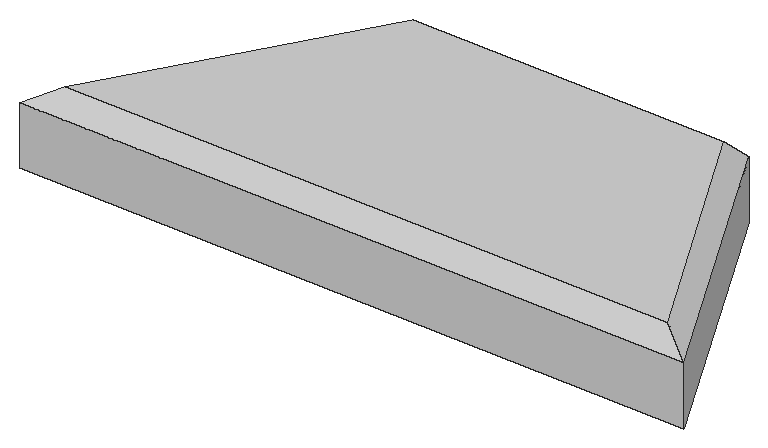
Revit family "SMALL TRAPEZOID", category Specialty Equipment, Revit 2023
Family settings
  Round Connector Dimension = Use Diameter
  Part Type = Normal
  OmniClass Number = 23.35.00.00
  OmniClass Title = Covering, Cladding, and Finishes
  Work Plane-Based = Yes
  Enable Cutting in Views = Yes
  Always vertical = No
  Cut with Voids When Loaded = No
  Maintain Annotation Orientation = No
  Shared = No
  Room Calculation Point = No
Parameters (values of type "1-3/8 inch thick Primed White")
  URL = "https://www.acousticalsurfaces.com/envirocoustic-wood-wool/shapes/"
  Type Comments = "Acoustic Panels"
  Thickness = 0' - 1 3/8"
  Recycled Content Percentage = "0%"
  Model = "Envirocoustic Wood Wool"
  Material = "Envirocoustic Wood Wool"
  Manufacturer = "Acoustical Surfaces, Inc."
  Fire Rating = "ASTM E84 - Class A"
  Finish = Paint - Acoustical-Surfaces - Primed White
  Description = "Acoustic Panels"
  Default Elevation = 0' - 0"
  Assembly Code = "C30"
  Acoustics - NRC = "Sound absorption varies from NRC 0.45 to 0.95 based on installation method used when tested per ASTM C423."
Types (9): name | Thickness | Finish
  1-3/8 inch thick Primed White | 0' - 1 3/8" | Paint - Acoustical-Surfaces - Primed White
  1-3/8 inch thick Primed Clear | 0' - 1 3/8" | Paint - Acoustical-Surfaces - Primed Clear
  1-3/8 inch thick Custom Painted | 0' - 1 3/8" | Paint - Acoustical-Surfaces - Custom Painted
  2 inch thick Primed White | 0' - 2" | Paint - Acoustical-Surfaces - Primed White
  2 inch thick Primed Clear | 0' - 2" | Paint - Acoustical-Surfaces - Primed Clear
  2 inch thick Custom Painted | 0' - 2" | Paint - Acoustical-Surfaces - Custom Painted
  1 inch thick Primed White | 0' - 1" | Paint - Acoustical-Surfaces - Primed White
  1 inch thick Primed Clear | 0' - 1" | Paint - Acoustical-Surfaces - Primed Clear
  1 inch thick Custom Painted | 0' - 1" | Paint - Acoustical-Surfaces - Custom Painted
Reference planes (in)
  plane 1 "Center (Front/Back)": y = 0
  plane 2: z = 0
  plane 3 "Center (Left/Right)": x = 0
  plane 4: z = 1.375
  plane 5: z = -1
  plane 6: x = -6
  plane 7: x = 6
Forms (in)
  Extrusion 1, solid, material "Paint - Acoustical-Surfaces - Primed White" <- "Finish"
    sketch origin (-2.75421, -1.46603, 0) x (1, 0, 0) y (0, 1, 0)
      loop
        line (8.75421, 1.46603) -> (5.75421, 6.66219) -> (-0.24579, 6.66219) -> (-3.24579, 1.46603) -> (8.75421, 1.46603)
    from 0 to 1.375
  Sweep 2, void
    path origin (-2.75421, -1.46603, 1.375) x (1, 0, 0) y (0, 1, 0)
      loop
        line (-0.24579, 6.66219) -> (-3.24579, 1.46603) -> (8.75421, 1.46603) -> (5.75421, 6.66219) -> (-0.24579, 6.66219)
    profile "Triangle : Family2" origin (-4.5, 2.59808, 1.375) x (0.866025, -0.5, 0) y (0, 0, 1)
      loop
        line (0, 0) -> (0, -0.315) -> (0.315, 0) -> (0, 0)
Cuts and joins
  Sweep 2 cuts Extrusion 1
Dimensions and locks (in)
  "Thickness": plane 4 to level
  level to plane 5 = 0' - 1"
  aligned and locked: level to plane 2
  aligned and locked: Extrusion 1 to plane 4
Automatic sketch dimensions
  Extrusion 1 sketch curve to plane 3 "Center (Left/Right)" = 0' - 3"
  plane 3 "Center (Left/Right)" to Extrusion 1 sketch curve = 0' - 3"
  Extrusion 1 sketch curve to plane 1 "Center (Front/Back)" = 0' - 5.19615"
  plane 1 "Center (Front/Back)" to Extrusion 1 sketch curve = 0' - 0"
  Extrusion 1 sketch curve to plane 3 "Center (Left/Right)" = 0' - 6"
  Extrusion 1 sketch curve to Extrusion 1 sketch curve = 0' - 3"
  Sweep 2 sketch curve to Extrusion 1 = 0' - 0"  (x6)
